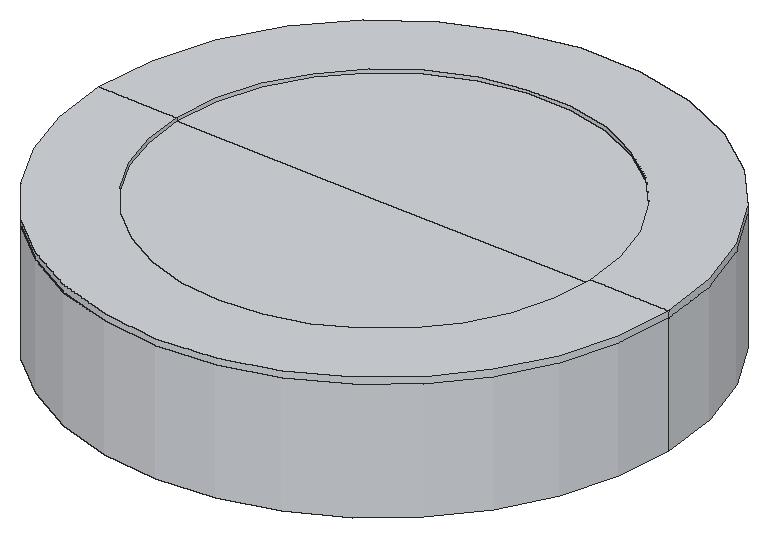
Revit family "0053945", category Lighting Fixtures, host Face, Revit 2017
Family settings
  Host = Face
  Round Connector Dimension = Use Diameter
  Part Type = Normal
  OmniClass Number = 23.80.70.00
  OmniClass Title = Lighting
  Cut with Voids When Loaded = No
  Light Source = Yes
  Shared = No
  Room Calculation Point = No
Parameters (values of type "0053945 ST E DOWNLIGHT FLT 172 1100 830 DIM SRFC")
  Weight = "4.87 kg"
  Wattage Comments = ""
  Wattage = 12 W
  WarrantyStartDate [instance] = "n/a"
  WarrantyGuarantorParts = "n/a"
  WarrantyDurationUnit = "n/a"
  WarrantyDurationParts = "n/a"
  WarrantyDescription = "n/a"
  built-in parameter 1150110 = 1 (stored number, unit not read)
  Voltage = 0 V
  URL = "http://www.sylvania-lighting.com"
  TypeName = "START eco Downlight Flat 172 1100lm 830 DIM Srfc"
  Type Image = <None>
  Type Comments = "n/a"
  built-in parameter 1114217 = 1 (stored number, unit not read)
  Tilt Angle = -90.00°
  built-in parameter 1150109 = 1 (stored number, unit not read)
  built-in parameter 1150134 = (empty or 0)
  built-in parameter 1150113 = 1 (stored number, unit not read)
  SerialNumber [instance] = "n/a"
  SIZE_203_SYL = 0
  SIZE_155_SYL = 1
  R_DIFF_SYL = if(SIZE_155_SYL = 1, 62.5 mm, if(SIZE_203_SYL = 1, 88 mm, 62.5 mm))  # 62.5 mm
  R2_SYL = if(SIZE_155_SYL = 1, 77.5 mm, if(SIZE_203_SYL = 1, 101.5 mm, 77.5 mm))  # 77.5 mm
  R1_SYL = if(SIZE_155_SYL = 1, 86 mm, if(SIZE_203_SYL = 1, 113 mm, 86 mm))  # 86 mm
  Photometric Web File = "0053945.ies"
  LUM_MH_SYL = 37 mm
  LUM_HEIGHT_SYL = 15 mm - CHAMF_SYL  # 14 mm
  CLIP_SYL = 10 mm
  CLIP_HOLE_SYL = 2.5 mm
  CLIP_HOLE_HE_SYL = 8.5 mm
  CLIP_D_SYL = R2_SYL - 2.5 mm  # 75 mm
  CLIP_DIST_SYL = R2_SYL - 2.5 mm  # 75 mm
  CLIP_CUTOUT_SYL = 19 mm
  CHAMF_SYL = 1 mm
  Material_3_SYL = none
  PowerFactor = 0.9
  PowerConsumption = "12 W"
  NominalLength = 172 mm
  NominalHeight = 38 mm
  NominalDepth = 172 mm
  Name = "START eco Downlight Flat 172 1100lm 830 DIM Srfc"
  ModelReference = Name  # "START eco Downlight Flat 172 1100lm 830 DIM Srfc"
  ModelNumber = "0053945"
  Model = Name  # "START eco Downlight Flat 172 1100lm 830 DIM Srfc"
  Material = "aluminium housing, other diffuser"
  ManufacturerName = "Feilo Sylvania"
  Manufacturer = "Feilo Sylvania"
  LuminousEfficacy = "92 lm/W"
  built-in parameter 1150105 = 87.854 (stored number, unit not read)
  Lumens = 1104 lm
  LuminaireType = ""
  built-in parameter 1150115 = 1 (stored number, unit not read)
  LightOutputRatio = "n/a"
  built-in parameter 1150137 = (empty or 0)
  built-in parameter 1150139 = (empty or 0)
  LampsType = Lamp  # "LED"
  LampNominalLuminous = "1100 lm"
  LampMacAdamStep = "5"
  LampColourTemperature = "3000 K"
  LampColourRenderingIndex = "80"
  built-in parameter 1150112 = 1 (stored number, unit not read)
  built-in parameter 1150114 = 1 (stored number, unit not read)
  Lamp = "LED"
  Keynote = "16500"
  InstallationDate [instance] = "n/a"
  InputVoltage = "n/a"
  InputNominalFrequency = "n/a"
  built-in parameter 1150132 = (empty or 0)
  built-in parameter 1150102 = (empty or 0)
  built-in parameter 1150107 = 3000 (stored number, unit not read)
  built-in parameter 1150138 = (empty or 0)
  IngressProtection = "IP20"
  ImpactProtectionIndex = "IK06"
  built-in parameter 1150106 = 0.87854 (stored number, unit not read)
  IfcExportType = "IfcLightFixtureType"
  IfcExportAs = "IfcLightFixtureType"
  Emit from Circle Diameter = 609.6 mm
  Emit Shape Visible in Rendering = no
  ElectricShockClassification = "Class II"
  built-in parameter 1150104 = 8.5471 (stored number, unit not read)
  DocumentationLiterature = "http://www.sylvania-lighting.com/product/en-int/products/0053945"
  DimmingControlOptions = "n/a"
  Material_2_SYL = none
  Dimming Lamp Color Temperature Shift = <None>
  Description = "START eco Downlight Flat DIM Surface is an integrated LED surface mounted downlight with separated phase dimmable driver; 12W; 1100Lm; 92Lm/W; 3000K; IP20; 30,000hrs (L70B50)."
  Default Elevation = 1219.2 mm
  CreatedOn = "8/6/2020"
  CreatedBy = "@sylvania-lighting.com"
  Cost = 0
  Color Filter = 16777215
  built-in parameter 1114216 [instance] = (empty or 0)
  ClassificationValue = "EF_70_80"
  ClassificationName = "Uniclass2015"
  Material_1_SYL = none
  CHAMF_2_SYL = 1 mm
  BarCode [instance] = "n/a"
  built-in parameter 1114218 = 1 (stored number, unit not read)
  built-in parameter 1150133 = 10 (stored number, unit not read)
  AssetType = "Fixed"
  AssetIdentifier [instance] = "n/a"
  Assembly Code = "D5020200"
  Apparent Load = 12 VA
  Material_4_SYL = none
Types (4, lengths in mm): name | Weight | Wattage | TypeName | built-in parameter 1150134 | SIZE_203_SYL | SIZE_155_SYL | R_DIFF_SYL | R2_SYL | R1_SYL | Photometric Web File | CLIP_D_SYL | CLIP_DIST_SYL | PowerConsumption | NominalLength | NominalDepth | Name | ModelReference | ModelNumber | Model | Material | LuminousEfficacy | built-in parameter 1150105 | Lumens | LampNominalLuminous | LampColourTemperature | built-in parameter 1150107 | built-in parameter 1150106 | built-in parameter 1150104 | DocumentationLiterature | Description | Apparent Load
  0053947 ST E DOWNLIGHT FLT 172 1200 840 DIM SRFC | "4.87 kg" | 12 W | "START eco Downlight Flat 172 1200lm 840 DIM Srfc" | 12 | 0 | 1 | 62.5 | 77.5 | 86 | "0053947.ies" | 75 | 75 | "12 W" | 172 | 172 | "START eco Downlight Flat 172 1200lm 840 DIM Srfc" | "START eco Downlight Flat 172 1200lm 840 DIM Srfc" | "0053947" | "START eco Downlight Flat 172 1200lm 840 DIM Srfc" | "aluminium housing, other diffuser" | "100 lm/W" | 95.493 (stored number, unit not read) | 1200 lm | "1200 lm" | "4000 K" | 4000 (stored number, unit not read) | 0.95493 (stored number, unit not read) | 9.2903 (stored number, unit not read) | "http://www.sylvania-lighting.com/product/en-int/products/0053947" | "START eco Downlight Flat DIM Surface is an integrated LED surface mounted downlight with separated phase dimmable driver; 12W; 1200Lm; 100Lm/W; 4000K; IP20; 30,000hrs (L70B50)." | 12 VA
  0053946 ST E DOWNLIGHT FLT 226 1700 830 DIM SRFC | "6.87 kg" | 17 W | "START eco Downlight Flat 226 1700lm 830 DIM Srfc" | (empty or 0) | 1 | 0 | 88 | 101.5 | 113 | "0053946.ies" | 99 | 99 | "17 W" | 226 | 226 | "START eco Downlight Flat 226 1700lm 830 DIM Srfc" | "START eco Downlight Flat 226 1700lm 830 DIM Srfc" | "0053946" | "START eco Downlight Flat 226 1700lm 830 DIM Srfc" | "n/a" | "100 lm/W" | 135.28 (stored number, unit not read) | 1700 lm | "1700 lm" | "3000 K" | 3000 (stored number, unit not read) | 1.3528 (stored number, unit not read) | 9.2903 (stored number, unit not read) | "http://www.sylvania-lighting.com/product/en-int/products/0053946" | "START eco Downlight Flat DIM Surface is an integrated LED surface mounted downlight with separated phase dimmable driver; 17W; 1700Lm; 100Lm/W; 3000K; IP20; 30,000hrs (L70B50)." | 17 VA
  0053945 ST E DOWNLIGHT FLT 172 1100 830 DIM SRFC | "4.87 kg" | 12 W | "START eco Downlight Flat 172 1100lm 830 DIM Srfc" | (empty or 0) | 0 | 1 | 62.5 | 77.5 | 86 | "0053945.ies" | 75 | 75 | "12 W" | 172 | 172 | "START eco Downlight Flat 172 1100lm 830 DIM Srfc" | "START eco Downlight Flat 172 1100lm 830 DIM Srfc" | "0053945" | "START eco Downlight Flat 172 1100lm 830 DIM Srfc" | "aluminium housing, other diffuser" | "92 lm/W" | 87.854 (stored number, unit not read) | 1104 lm | "1100 lm" | "3000 K" | 3000 (stored number, unit not read) | 0.87854 (stored number, unit not read) | 8.5471 (stored number, unit not read) | "http://www.sylvania-lighting.com/product/en-int/products/0053945" | "START eco Downlight Flat DIM Surface is an integrated LED surface mounted downlight with separated phase dimmable driver; 12W; 1100Lm; 92Lm/W; 3000K; IP20; 30,000hrs (L70B50)." | 12 VA
  0053948 ST E DOWNLIGHT FLT 226 1750 840 DIM SRFC | "6.87 kg" | 17 W | "START eco Downlight Flat 226 1750lm 840 DIM Srfc" | 12 | 1 | 0 | 88 | 101.5 | 113 | "0053948.ies" | 99 | 99 | "17 W" | 226 | 226 | "START eco Downlight Flat 226 1750lm 840 DIM Srfc" | "START eco Downlight Flat 226 1750lm 840 DIM Srfc" | "0053948" | "START eco Downlight Flat 226 1750lm 840 DIM Srfc" | "n/a" | "103 lm/W" | 139.34 (stored number, unit not read) | 1751 lm | "1750 lm" | "4000 K" | 4000 (stored number, unit not read) | 1.3934 (stored number, unit not read) | 9.569 (stored number, unit not read) | "http://www.sylvania-lighting.com/product/en-int/products/0053948" | "START eco Downlight Flat DIM Surface is an integrated LED surface mounted downlight with separated phase dimmable driver; 17W; 1750Lm; 103Lm/W; 4000K; IP20; 30,000hrs (L70B50)." | 17 VA
Reference planes
  plane 1 "Center (Front/Back)": y = 0
  plane 2: z = 0
  plane 3 "Center (Left/Right)": x = 0
  plane 4: z = 1
  plane 5: z = -1
  plane 6: z = -14
  plane 7: x = 86
  plane 8: x = 62.5
  plane 9: x = 77.5
  plane 10: x = 0
  plane 11: x = -96
  plane 12: x = -77.5
  plane 13: y = 10
  plane 14: y = -10
  plane 15: x = 75
  plane 16: z = -19
  plane 17: z = -16.5
  plane 18: y = -8.5
  plane 19: y = 8.5
  plane 20: x = -75
  plane 21: z = -37
Forms (mm)
  Revolve 1, solid
    sketch origin (0, 0, 0) x (1, 0, 0) y (0, 0, 1)
      loop
        line (0, 0) -> (0, -14) -> (77.5, -14) -> (77.5, -1) -> (86, -1) -> (86, 1) -> (62.5, 1) -> (62.5, 0) -> (0, 0)
      axis (0, 1) -> (0, -14)
    angle from 360 to 0
  Extrusion 2, solid
    sketch origin (0, 0, 0) x (1, 0, 0) y (0, 1, 0)
      loop
        line (75, 10) -> (75, -10) -> (77.5, -10) -> (77.5, 10) -> (75, 10)
      loop
        line (-75, 10) -> (-77.5, 10) -> (-77.5, -10) -> (-75, -10) -> (-75, 10)
    from -20 to -1
  Extrusion 3, void
    sketch origin (319, 1524, 1219.2) x (0, 1, 0) y (0, 0, 1)
      loop
        line (-1515.5, -1238.2) -> (-1515.5, -1235.7) -> (-1532.5, -1235.7) -> (-1532.5, -1238.2) -> (-1515.5, -1238.2)
    from -440.059 to 10
  Revolve 4, solid
    sketch origin (0, 0, 0) x (1, 0, 0) y (0, 0, 1)
      loop
        line (86, -1) -> (77.5, -1) -> (77.5, -37) -> (86, -37) -> (86, -1)
      axis (0, -37) -> (0, -1)
    angle from 360 to 0
Cuts and joins
  Extrusion 3 cuts Extrusion 2
Dimensions and locks
  "LUM_HEIGHT_SYL": host face to plane 6
  "CHAMF_2_SYL": host face to plane 5
  "CHAMF_SYL": plane 4 to host face
  "R_DIFF_SYL": plane 8 to plane 3 "Center (Left/Right)"
  "R2_SYL": plane 3 "Center (Left/Right)" to plane 9
  "R1_SYL": plane 7 to plane 3 "Center (Left/Right)"
  "CLIP_SYL": plane 14 to plane 1 "Center (Front/Back)" to plane 13
  "CLIP_D_SYL": plane 10 to plane 15
  "R2_SYL": plane 10 to plane 9
  "CLIP_CUTOUT_SYL": host face to plane 16
  "CLIP_HOLE_SYL": plane 17 to plane 16
  "CLIP_HOLE_HE_SYL": plane 19 to plane 1 "Center (Front/Back)" to plane 18
  "R2_SYL": plane 12 to plane 10
  "CLIP_D_SYL": plane 20 to plane 3 "Center (Left/Right)"
  "LUM_MH_SYL": level to plane 21
  aligned and locked: plane 2 to host face
  aligned and locked: level to host face
  aligned and locked: Revolve 1 sketch curve to plane 3 "Center (Left/Right)"
  aligned and locked: plane 13 to Extrusion 2 sketch curve
  aligned and locked: Extrusion 2 sketch curve to plane 15
  aligned and locked: Extrusion 2 sketch curve to plane 14
  aligned and locked: plane 9 to Extrusion 2 sketch curve
  aligned and locked: Extrusion 3 sketch curve to plane 16
  aligned and locked: plane 19 to Extrusion 3 sketch curve
  aligned and locked: Extrusion 3 sketch curve to plane 17
  aligned and locked: Extrusion 3 sketch curve to plane 18
  aligned and locked: Extrusion 2 sketch curve to plane 13
  aligned and locked: Extrusion 2 sketch curve to plane 20
  aligned and locked: plane 14 to Extrusion 2 sketch curve
  aligned and locked: plane 12 to Extrusion 2 sketch curve
  aligned and locked: Revolve 4 sketch curve to Revolve 1  (x2)
  aligned and locked: plane 21 to Revolve 4 sketch curve
  aligned and locked: plane 9 to Revolve 4 sketch curve
  aligned and locked: Revolve 4 sketch curve to plane 10
Automatic sketch dimensions
  host sketch curve to host sketch curve = 2438.4 mm  (x2)
  Revolve 1 sketch curve to level = 0 mm
  Revolve 1 sketch curve to plane 3 "Center (Left/Right)" = 0 mm
  plane 8 to Revolve 1 sketch curve = 0 mm
  Revolve 1 sketch curve to plane 6 = 0 mm
  plane 9 to Revolve 1 sketch curve = 0 mm
  Revolve 1 sketch curve to plane 5 = 0 mm
  plane 7 to Revolve 1 sketch curve = 0 mm
  Revolve 1 sketch curve to plane 4 = 0 mm
  Revolve 1 sketch curve to plane 16 = 584.6 mm
  Revolve 1 sketch curve to plane 4 = 2608.058 mm
  plane 21 to Revolve 4 sketch curve = 267.8 mm
  Revolve 4 sketch curve to plane 4 = 303.8 mm
